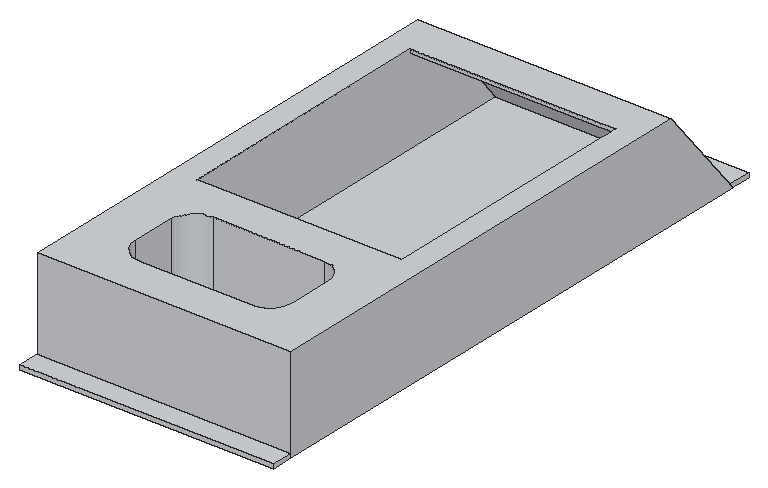
Revit family "WH1183", category Mechanical Equipment, host Face, Revit 2016
Family settings
  Host = Face
  Part Type = Normal
  Round Connector Dimension = Use Diameter
  OmniClass Number = 23.65.70.11.11
  OmniClass Title = Fixtures for Liquids
  Cut with Voids When Loaded = No
  Shared = Yes
  Room Calculation Point = No
Parameters (values of type "WH1183")
  Waste Connection = no
  OVERALL SIZE WIDTH = 8
  Voltage = 0
  Vent Connection = no
  URL = "https://www.acorneng.com/"
  Type Comments = ""
  Tempered Water Connection = no
  Revised Date = "07/22/19"
  Phone# = "(800) 488-8999"
  Model = "WH1183"
  Material = Stainless Steel
  Manufacturer = "WHITEHALL"
  OVERALL SIZE HEIGHT = 18.75
  HW Connection = no
  Designed By = "ACORN BIM DESIGN TEAM"
  Description = "Shower Caddy White Ligature Resistant"
  Default Elevation = 48.000"
  OVERALL DEPTH = 3
  CW Connection = no
  Assembly Code = ""
  Amperage = 0
  WH1183 - Shower Caddy Ligature Resistant = yes
Reference planes (in)
  plane 1 "Center (Front/Back)": y = 8.1158
  plane 2: z = 0
  plane 3 "Center (Left/Right)": x = 0
  plane 4: z = -7.625
  plane 5: x = -4
  plane 6: x = 4
  plane 7: y = 16.8348
  plane 8: y = -0.6032
  plane 9: y = 13.15698
  plane 10: y = 2.0768
  plane 11: y = 17.4588
  plane 12: y = -1.2912
Forms (in)
  Extrusion 1, solid
    sketch origin (7.25, 0, 0) x (1, 0, 0) y (0, 1, 0)
      loop
        line (-11.25, 16.8348) -> (-11.25, -0.6032) -> (-3.25, -0.6032) -> (-3.25, 16.8348) -> (-11.25, 16.8348)
    from 0 to 3
  Extrusion 2, void
    sketch origin (-1.68976, 0, 0) x (0, 0, -1) y (0, 1, 0)
      loop
        line (-3, 16.8348) -> (-3, 14.40698) -> (-0.0019, 16.8348) -> (-3, 16.8348)
    from -2.31024 to 5.68976
  Extrusion 3, void
    sketch origin (-1.68976, 0, 0) x (0, 0, -1) y (0, 1, 0)
      loop
        line (-3, 4.72343) -> (-0.1575, 4.72343) -> (-0.1575, 16.52934) -> (-2.89254, 14.36908) -> (-2.89254, 13.15698) -> (-3, 13.15698) -> (-3, 4.72343)
    from -1.56148 to 4.93976
  Extrusion 4, void
    sketch origin (0, 0.49036, 0) x (1, 0, 0) y (0, 1, 0)
      loop
        line (-2.5, 2.26747) -> (-2.5, 0.87544)
        arc (-2.5, 0.87544) -> (-2.28033, 0.34511) -> (-1.75, 0.12544) r 0.75
        line (-1.75, 0.12544) -> (0, 0.12544) -> (0, 3.01747) -> (-1.75, 3.01747)
        arc (-1.75, 3.01747) -> (-2.28033, 2.7978) -> (-2.5, 2.26747) r 0.75
    from 0.66943 to 3
  Extrusion 5, void
    sketch origin (0, 0.49036, 0) x (-1, 0, 0) y (0, -1, 0)
      loop
        arc (-2.5, -2.26747) -> (-2.28033, -2.7978) -> (-1.75, -3.01747) r 0.75
        line (-1.75, -3.01747) -> (0, -3.01747) -> (0, -0.12544) -> (-1.75, -0.12544)
        arc (-1.75, -0.12544) -> (-2.28033, -0.34511) -> (-2.5, -0.87544) r 0.75
        line (-2.5, -0.87544) -> (-2.5, -2.26747)
    from 0.66943 to 3
  Extrusion 6, solid
    sketch origin (0, 0, 0) x (-1, 0, 0) y (0, -1, 0)
      loop
        line (-3.25124, -13.15698) -> (-2.81324, -13.15698)
        arc (-2.81324, -13.15698) -> (-3.12295, -13.02869) -> (-3.25124, -12.71898) r 0.438
        line (-3.25124, -12.71898) -> (-3.25124, -13.15698)
    from 2.89254 to 3
  Extrusion 7, solid
    sketch origin (0, 0, 0) x (1, 0, 0) y (0, 1, 0)
      loop
        line (3.25, 13.15698) -> (2.812, 13.15698)
        arc (2.812, 13.15698) -> (3.12171, 13.02869) -> (3.25, 12.71898) r 0.438
        line (3.25, 12.71898) -> (3.25, 13.15698)
    from 2.89254 to 3
  Extrusion 8, solid
    sketch origin (-1.68976, 0, 0) x (0, 0, -1) y (0, 1, 0)
      loop
        line (0, 17.4588) -> (-0.13307, 17.4588) -> (-0.13307, 16.62525) -> (0, 16.62525) -> (0, 17.4588)
      loop
        line (0, -1.2912) -> (0, -0.6032) -> (-0.133, -0.6032) -> (-0.133, -1.2912) -> (0, -1.2912)
    from -2.31024 to 5.68976
Cuts and joins
  Extrusion 2, Extrusion 3, Extrusion 4, Extrusion 5 cuts Extrusion 1
  joined: Extrusion 1, Extrusion 6, Extrusion 7
Dimensions and locks (in)
  plane 4 to level = 7.625"
  plane 2 to plane 4 = 7.625"
  host sketch curve to host sketch curve = 8.000"
  plane 3 "Center (Left/Right)" to host face = 4.000"
  plane 1 "Center (Front/Back)" to host sketch curve = 8.719"
  equal spacing: plane 5, plane 3 "Center (Left/Right)", plane 6
  plane 5 to plane 6 = 8.000"
  equal spacing: plane 7, plane 1 "Center (Front/Back)", plane 8
  plane 7 to plane 8 = 17.438"
  Extrusion 4 sketch curve to Extrusion 4 sketch curve = 2.89203"
  Extrusion 5 sketch curve to Extrusion 5 sketch curve = 2.89203"
  plane 8 to plane 10 = 2.680"
  cut or joined group of Extrusion 1, Extrusion 2, Extrusion 3, Extrusion 4, Extrusion 5, Extrusion 6, Extrusion 7 to cut or joined group of Extrusion 1, Extrusion 2, Extrusion 3, Extrusion 4, Extrusion 5, Extrusion 6, Extrusion 7 = 6.50124"
  plane 11 to plane 12 = 18.750"  (x2)
  angle Extrusion 2 sketch curve to Extrusion 2 sketch curve = 51.00°
  angle cut or joined group of Extrusion 1, Extrusion 2, Extrusion 3, Extrusion 4, Extrusion 5, Extrusion 6, Extrusion 7 to cut or joined group of Extrusion 1, Extrusion 2, Extrusion 3, Extrusion 4, Extrusion 5, Extrusion 6, Extrusion 7 = 51.00°
  aligned and locked: plane 2 to host face
  aligned and locked: level to host face
  aligned and locked: Extrusion 2 to plane 5
  aligned and locked: plane 6 to Extrusion 2
  aligned and locked: Extrusion 1 to plane 5
  aligned and locked: plane 6 to Extrusion 1
  aligned and locked: plane 9 to Extrusion 3
  aligned and locked: cut or joined group of Extrusion 1, Extrusion 2, Extrusion 3, Extrusion 4, Extrusion 5, Extrusion 6, Extrusion 7 to Extrusion 7
  aligned and locked: Extrusion 7 to cut or joined group of Extrusion 1, Extrusion 2, Extrusion 3, Extrusion 4, Extrusion 5, Extrusion 6, Extrusion 7
Automatic sketch dimensions
  host sketch curve to host sketch curve = 17.438"
  Extrusion 1 sketch curve to plane 5 = 0.000"
  Extrusion 1 sketch curve to plane 6 = 0.000"
  Extrusion 1 sketch curve to plane 8 = 0.000"
  Extrusion 1 sketch curve to plane 7 = 0.000"
  Extrusion 2 sketch curve to plane 7 = 0.000"
  level to Extrusion 2 sketch curve = 0.0019"
  Extrusion 3 sketch curve to plane 9 = 0.000"
  level to Extrusion 3 sketch curve = 3.000"
  Extrusion 3 sketch curve to Extrusion 3 sketch curve = 0.10746"
  level to Extrusion 3 sketch curve = 0.1575"
  Extrusion 3 sketch curve to plane 10 = 2.64664"
  plane 9 to Extrusion 3 sketch curve = 1.2121"
  Extrusion 3 sketch curve to plane 7 = 0.30546"
  Extrusion 4 sketch curve to plane 3 "Center (Left/Right)" = 0.000"
  plane 10 to Extrusion 4 sketch curve = 0.711"
  Extrusion 4 sketch curve to plane 3 "Center (Left/Right)" = 1.750"
  Extrusion 4 sketch curve to plane 10 = 0.68103"
  Extrusion 4 sketch curve to Extrusion 4 sketch curve = 0.000"
  Extrusion 5 sketch curve to plane 3 "Center (Left/Right)" = 0.000"
  Extrusion 5 sketch curve to plane 10 = 0.711"
  Extrusion 5 sketch curve to plane 3 "Center (Left/Right)" = 1.750"
  plane 10 to Extrusion 5 sketch curve = 0.68103"
  Extrusion 5 sketch curve to Extrusion 5 sketch curve = 0.000"
  Extrusion 6 sketch curve to plane 9 = 0.000"
  plane 9 to Extrusion 6 sketch curve = 0.438"
  plane 6 to Extrusion 6 sketch curve = 0.74876"
  Extrusion 2 sketch curve to Extrusion 2 sketch curve = 2.9981"
  Extrusion 7 sketch curve to plane 9 = 0.000"
  Extrusion 7 sketch curve to plane 9 = 0.438"
  Extrusion 7 sketch curve to plane 6 = 1.188"
  Extrusion 8 sketch curve to plane 8 = 0.000"
  Extrusion 8 sketch curve to plane 12 = 0.000"
  Extrusion 8 sketch curve to plane 11 = 0.000"
  Extrusion 8 sketch curve to level = 0.000"  (x2)
  level to Extrusion 8 sketch curve = 0.13307"
  level to Extrusion 8 sketch curve = 0.133"
  Extrusion 8 sketch curve to plane 7 = 0.20955"
